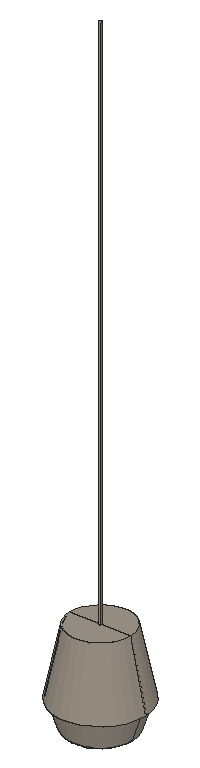
Revit family "Lighting_Pendants_Zero_Elements_Pendant", category Lighting Fixtures, host Ceiling, Revit 2020
Family settings
  Host = Ceiling
  Round Connector Dimension = Use Diameter
  Part Type = Normal
  OmniClass Number = 23.80.70.00
  OmniClass Title = Lighting
  Always vertical = Yes
  Cut with Voids When Loaded = No
  Light Source = Yes
  Shared = No
  Room Calculation Point = No
Parameters (values of type "E27/Max 42W 250 Apricot")
  Youtube clip = ""
  Weight Net (Kg) = "1.5"
  Wattage = 2.46395 W
  WarrantyStartDate [instance] = "n/a"
  WarrantyGuarantorParts = "n/a"
  WarrantyGuarantorLabor = "n/a"
  WarrantyDurationUnit = "Year"
  WarrantyDurationParts = "n/a"
  WarrantyDurationLabor = "n/a"
  WarrantyDescription = "n/a"
  built-in parameter 1150110 = 1 (stored number, unit not read)
  VersionDate = "31/08/2023"  # constant formula
  Version = "3"  # constant formula
  UsageCurrent = 0 A
  Uniformat II Description = ""
  Uniformat II Code = ""
  Uniclass2015Reference = "Pr_70_70_48_86"
  Uniclass2015Description = "Suspended luminaires"
  Uniclass2 = "Pr_70_70_49_86"
  Uniclass 2015 Name = ""
  Uniclass 2015 Code = ""
  Uniclass 2.0 Description = ""
  Uniclass 2.0 Code = ""
  Uniclass 1.4 Description = ""
  Uniclass 1.4 Code = ""
  URL = "https://www.zerolighting.com/elements-inompe/"
  UNSPSC Code = ""
  TotalWattage = 9 W
  built-in parameter 1114217 = 1 (stored number, unit not read)
  Tilt Angle = 90.00°
  built-in parameter 1150109 = 1 (stored number, unit not read)
  built-in parameter 1150134 = (empty or 0)
  Technical description = ""
  TagNumber [instance] = "n/a"
  SustainabilityPerformance = "n/a"
  built-in parameter 1150113 = 1 (stored number, unit not read)
  Size = "250x250x260 mm"
  Shape = "Sculptured"
  SerialNumber [instance] = "n/a"
  Revision = "5"  # constant formula
  ReplacementCost = "n/a"
  Region South America = "None"
  Region Oceania = "AU, NZ"
  Region North America = "BZ, CR, GT, HN, MX, NI, PA, SV, US"
  Region Middle East = "AE"
  Region Europe = "AD, AL, AT, AX, BA, BE, BG, BY, CH, CY, CZ, DE, DK, EE, ES, FI, FO, FR, GB, GG, GI, GR, HR, HU, IE, IM, IS, IT, JE, LI, LT, LU, LV, MC, MD, ME, MK, MT, NL, NO, PL, PT, RO, RS, RU, SE, SI, SJ, SK, SM, UA, VA"
  Region Asia = "HK, JP, SG"
  Region Antarctica = "None"
  Region Africa = "None"
  ProductInformation = "Elements is a complete family originated from Note Design Studio´s fascination for the Nordic mountains and its light. Dawn, dusk, midnight sun. Glittering lakes, wilderness and flora. Elements simple shapes direct the light and well-balanced materials give the design elasticity and great usability."
  Product group = "Pendant"
  Product family = "Elements"
  Product certification = ""
  Product SKU = "Elements_pendant"
  Product Guid = "a6c998bc-ba4e-4baf-bce7-b86e020ab705"
  Photometric Web File = "Elements83303-LED.IES"
  PhaseReference = "n/a"
  PhaseAngle = 0.00°
  OmniClass Description = ""
  OmniClass Code = ""
  Offset [instance] = -CableLength - Nominal_Height  # -1760 mm
  NumberOfSources = 0
  NumberOfPoles = 1
  Nominal_Height = 260 mm
  NominalVoltageCalc = 0 V
  NominalVoltage = 230 V
  NominalRadius = 125 mm
  NominalLength = 250 mm
  NominalFrequencyRange = 50 Hz
  NominalDiameter = 250 mm
  NominalCurrent = 0 A
  Nominal width = 250.32 mm
  Nominal height = 0 mm
  Name = "Zero_Elements_Pendant"  # constant formula
  NBSReference = "90-60-50/405"
  NBSDescription = "General purpose luminaires"
  NBS Reference Description = ""
  NBS Reference Code = ""
  ModelType = elements250 : elements250
  ModelReference = "n/a"
  ModelNumber = "8330-1-17"
  Model = "Elements E27/Max 42W 250 Apricot"
  Material secondary = "Steel"
  Material main = "Fabric"
  Material = "Fabric"
  Masterformat 2014 Description = ""
  Masterformat 2014 Code = ""
  ManufacturersSpecificInformation = "n/a"
  ManufacturerURL = "https://www.zerolighting.com/"
  ManufacturerName = "Zero"
  Manufacturer name = "ZERO"
  Manufacturer country = "Sweden"
  Manufacturer = "Zero"
  MaintenanceFactor = 0
  Lumens = 366 lm
  built-in parameter 1150115 = 1 (stored number, unit not read)
  built-in parameter 1150105 = 29.125 (stored number, unit not read)
  LightFixtureSecondaryMaterial = Plastic, Apricot
  LightFixturePlacingType = "Ceiling"
  LightFixtureMountingType = "Suspended"
  LightFixtureMainMaterial = Kvadrat Apricot Time 300/643
  built-in parameter 1150137 = (empty or 0)
  built-in parameter 1150139 = (empty or 0)
  LensMaterial = Glass
  built-in parameter 1150112 = 1 (stored number, unit not read)
  built-in parameter 1150114 = 1 (stored number, unit not read)
  InsulationStandardClass = "n/a"
  InstallationDate [instance] = "n/a"
  Installation instructions = ""
  built-in parameter 1150132 = 2
  built-in parameter 1150102 = (empty or 0)
  built-in parameter 1150138 = (empty or 0)
  built-in parameter 1150107 = 3000 (stored number, unit not read)
  built-in parameter 1150106 = 0.29125 (stored number, unit not read)
  IfcExportType = "NOTDEFINED"  # constant formula
  IfcExportAs = "IfcLightFixtureType"  # constant formula
  IP_Code = "IP20"
  IFC Classification = ""
  HasProtectiveEarth = no
  Grade = "n/a"
  GTIN code = ""
  Finish = "n/a"
  Features = "Terminal block 2x2,25mm2"
  ExpectedLife = "n/a"
  Emit from Circle Diameter = 158 mm
  Emit Shape Visible in Rendering = no
  ElectricalDeviceNominalPower = 0
  built-in parameter 1150104 = 13.8 (stored number, unit not read)
  Edition number = 1
  EANNumber = "n/a"
  DurationUnit = "Year"
  Dimming Lamp Color Temperature Shift = <None>
  Dimming = "None"
  Designer = "Note Design Studio"
  Design country = "Sweden"
  DefaultElevation = 0 mm
  Default Elevation = 0 mm
  Date of publishing = ""
  Constituents = "n/a"
  Color Filter = 16777215
  Color = "Apricot"
  Collection = "Elements"
  CodePerformance = "n/a"
  Category = "Pendant"
  CableLength [instance] = 1500 mm
  COBIe Type Category = ""
  Brand url = "http://www.zero.se"
  Brand = "Zero"
  Barcode [instance] = "n/a"
  built-in parameter 1114218 = 1 (stored number, unit not read)
  BIMObjectName = "Lighting_Pendants_Zero_Elements_Pendant"  # constant formula
  Author = "BIMstone"  # constant formula
  built-in parameter 1150133 = 10 (stored number, unit not read)
  AssetType = "Fixed"
  AssetIdentifier [instance] = "n/a"
  ArticleNumber = "8330-1-17"
  AccessibilityPerformance = "n/a"
Types (6, lengths in mm): name | Size | Offset | Nominal_Height | NominalRadius | NominalLength | NominalDiameter | ModelType | ModelNumber | Model | LightFixtureSecondaryMaterial | LightFixtureMainMaterial | Color | CableLength | ArticleNumber
  E27/Max 42W 250 White | "250x250x260 mm" | -1260 | 260 | 125 | 250 | 250 | elements250 : elements250 | "8330-1-01" | "Elements E27/Max 42W 250 Blue" | Plastic, Opaque Black | Kvadrat Blue Time 300/683 | "Blue" | 1000 | "8330-1-01"
  E27/Max 42W 250 Blue | "250x250x260 mm" | -1260 | 260 | 125 | 250 | 250 | elements250 : elements250 | "8330-1-08" | "Elements E27/Max 42W 250 Blue" | Plastic, Opaque Black | Kvadrat Blue Time 300/683 | "Blue" | 1000 | "8330-1-08"
  E27/Max 42W 250 Apricot | "250x250x260 mm" | -1760 | 260 | 125 | 250 | 250 | elements250 : elements250 | "8330-1-17" | "Elements E27/Max 42W 250 Apricot" | Plastic, Apricot | Kvadrat Apricot Time 300/643 | "Apricot" | 1500 | "8330-1-17"
  E27/Max 42W 320 Apricot | "320x320x355mm" | -1855 | 355 | 160 | 320 | 320 | elements320 : elements320 | "8330-3-17" | "Elements E27/Max 42W 320 Apricot" | Plastic, Apricot | Kvadrat Apricot Time 300/643 | "Apricot" | 1500 | "8330-3-17"
  E27/Max 42W 320 White | "320x320x355mm" | -1855 | 355 | 160 | 320 | 320 | elements320 : elements320 | "8330-3-01" | "Elements E27/Max 42W 320 White" | Plastic, Opaque White | Kinnasand White Chico | "White" | 1500 | "8330-3-01"
  E27/Max 42W 320 Blue | "320x320x355mm" | -1855 | 355 | 160 | 320 | 320 | elements320 : elements320 | "8330-3-08" | "Elements E27/Max 42W 320 Blue" | Plastic, Opaque Black | Kvadrat Blue Time 300/683 | "Blue" | 1500 | "8330-3-08"
Reference planes
  plane 1 "Light Source Axis (F/B)": y = 0
  plane 2: z = 0
  plane 3 "Light Source Axis (L/R)": x = 0
  plane 4 "Ceiling": z = 0
  plane 5 "Light Source Elevation": z = -1760
  plane 6: y = 125
  plane 7: y = -125
  plane 8: x = -125
  plane 9: x = 125
  plane 10: z = -1500
  plane 11: z = -1760
Forms (mm)
  Extrusion 1, solid, material "Plastic, Apricot" <- "LightFixtureSecondaryMaterial", detail levels medium+fine
    sketch origin (0, 0, -1760) x (-1, 0, 0) y (0, -1, 0)
      loop
        circle (0, 0) r 2.5
    from 260 to 1760
  Extrusion 2, solid, material "Kvadrat Apricot Time 300/643" <- "LightFixtureMainMaterial", detail levels coarse
    sketch origin (0, 0, 0) x (0, 1, 0) y (0, 0, 1)
      loop
        line (125, 0) -> (-125, 0) -> (-125, -1760) -> (125, -1760) -> (125, 0)
    from -125 to 125
Lines and regions (mm)
  symbolic lines, detail levels medium+fine
    curve 1: line (2.5, 0, 0) -> (-2.5, 0, 0)
    curve 2: line (2.5, 0, 0) -> (2.5, 0, -1500)
    curve 3: line (-2.5, 0, -1500) -> (-2.5, 0, 0)
    curve 4: line (0, 2.5, 0) -> (0, -2.5, 0)
    curve 5: line (0, 2.5, 0) -> (0, 2.5, -1500)
    curve 6: line (0, -2.5, -1500) -> (0, -2.5, 0)
  symbolic lines, detail levels coarse
    curve 7: line (0, 125, 0) -> (0, -125, 0)
    curve 8: line (0, 125, -1760) -> (0, 125, 0)
    curve 9: line (0, -125, -1760) -> (0, 125, -1760)
    curve 10: line (0, -125, 0) -> (0, -125, -1760)
    curve 11: line (125, 0, 0) -> (-125, 0, 0)
    curve 12: line (125, 0, -1760) -> (125, 0, 0)
    curve 13: line (-125, 0, -1760) -> (125, 0, -1760)
    curve 14: line (-125, 0, 0) -> (-125, 0, -1760)
    curve 15: line (-125, 125, 0) -> (125, 125, 0)
    curve 16: line (-125, -125, 0) -> (-125, 125, 0)
    curve 17: line (125, -125, 0) -> (-125, -125, 0)
    curve 18: line (125, 125, 0) -> (125, -125, 0)
Dimensions and locks
  equal spacing: host sketch curve, plane 3 "Light Source Axis (L/R)", host sketch curve
  equal spacing: host sketch curve, plane 1 "Light Source Axis (F/B)", host sketch curve
  host sketch curve to host sketch curve = 4000 mm  (x2)
  locked: plane 4 "Ceiling" to host ceiling
  equal spacing: plane 6, plane 1 "Light Source Axis (F/B)", plane 7
  "NominalLength": plane 6 to plane 7
  equal spacing: plane 8, plane 3 "Light Source Axis (L/R)", plane 9
  "NominalLength": plane 8 to plane 9
  "CableLength": plane 10 to level
  "Nominal_Height": plane 10 to plane 11
  aligned and locked: plane 3 "Light Source Axis (L/R)" to imposter light
  aligned and locked: plane 1 "Light Source Axis (F/B)" to imposter light
  aligned and locked: plane 5 "Light Source Elevation" to imposter light
  aligned and locked: level to Extrusion 1
  aligned and locked: Extrusion 1 to plane 10
  aligned and locked: level to Extrusion 2 sketch curve
  aligned and locked: plane 6 to Extrusion 2 sketch curve
  aligned and locked: plane 11 to Extrusion 2 sketch curve
  aligned and locked: Extrusion 2 sketch curve to plane 7
  aligned and locked: plane 8 to Extrusion 2
  aligned and locked: Extrusion 2 to plane 9
  aligned and locked: curve 1 to Extrusion 1  (x2)
  aligned and locked: curve 3 to Extrusion 1
  aligned and locked: curve 4 to Extrusion 1
  aligned and locked: Extrusion 1 to curve 5
  aligned and locked: curve 7 to Extrusion 2
  aligned and locked: curve 8 to Extrusion 2
  aligned and locked: curve 9 to Extrusion 2
  aligned and locked: curve 10 to Extrusion 2
  aligned and locked: curve 11 to Extrusion 2
  aligned and locked: curve 12 to Extrusion 2
  aligned and locked: curve 13 to Extrusion 2
  aligned and locked: curve 14 to Extrusion 2
  aligned and locked: plane 11 to plane 5 "Light Source Elevation"
  aligned and locked: plane 6 to curve 15
  aligned and locked: curve 16 to plane 8
  aligned and locked: curve 17 to plane 7
  aligned and locked: curve 18 to plane 9
Automatic sketch dimensions
  plane 1 "Light Source Axis (F/B)" to Extrusion 1 sketch curve = 0 mm
  Extrusion 1 sketch curve to plane 3 "Light Source Axis (L/R)" = 0 mm
  curve 6 to plane 10 = 0 mm
  plane 1 "Light Source Axis (F/B)" to curve 6 = 2.5 mm
  curve 5 to plane 1 "Light Source Axis (F/B)" = 2.5 mm
  curve 2 to plane 10 = 0 mm
  curve 3 to plane 10 = 0 mm
  radius of Extrusion 1 sketch curve = 2.5 mm
Nested families
  nested 1: "elements250" at (0, 0, -1760), Lens <- "LensMaterial", Main <- "LightFixtureMainMaterial", type <- "ModelType", built-in parameter 1001364 <- "Offset", type "elements250"
    with Main Kvadrat Apricot Time 300/643, Lens Glass
Connectors
  electrical at (0, 0, 0), driven by "NominalVoltage"
    settings: on Extrusion 1, index 1, voltage 230 V, apparent load 0 VA, apparent load phase1 0 VA, apparent load phase2 0 VA, apparent load phase3 0 VA, power factor 1, load classification "Lighting", number of poles 1, system type 31, power factor state 1, is connector primary yes, connector utility no, sub classification motor no, connector description ""
Definition of nested family "elements250"
  Parameters (values of type "elements250")
    Main [instance] = none
    Lens [instance] = none
    Default Elevation = 0 mm
  Reference planes
    plane 1 "Center (Front/Back)": y = 0
    plane 2: z = 0
    plane 3 "Center (Left/Right)": x = 0
  Forms (mm)
    Revolve 1, solid, material <- "Main", detail levels medium+fine
      sketch origin (0, 0, 0) x (1, 0, 0) y (0, 0, 1)
        loop
          line (0, 0) -> (88.253, 0) -> (90.203, 1.637) -> (115.401, 74.817) -> (125, 74.817) -> (85.136, 260) -> (0, 260) -> (0, 257) -> (82.713, 257) -> (121.285, 77.817) -> (113.261, 77.817) -> (87.5, 3) -> (0, 3) -> (0, 0)
        axis (0, 260) -> (0, 0)
      angle from 0 to 360
    Revolve 2, void
      sketch origin (0, 0, 0) x (1, 0, 0) y (0, 0, 1)
        loop
          line (0, 7.234) -> (0, 0) -> (82.775, 0) -> (82.775, 7.234) -> (0, 7.234)
        axis (0, 7.234) -> (0, 0)
      angle from 0 to 360
    Extrusion 3, solid, material <- "Lens", detail levels medium+fine
      sketch origin (0, 0, 0) x (1, 0, 0) y (0, 1, 0)
        loop
          circle (0, 0) r 87.327
      from 0 to 8.152
  Cuts and joins
    Revolve 2 cuts Revolve 1
  Lines and regions (mm)
    symbolic lines, detail levels medium+fine
      curve 1: circle (0, 0, 0) r 125 normal (0, 0, 1)
      curve 4: line (125, 0, 74.817) -> (115.401, 0, 74.817)
      curve 5: line (88.253, 0, 0) -> (-88.253, 0, 0)
      curve 7: line (-115.401, 0, 74.817) -> (-90.203, 0, 1.637)
      curve 8: line (-90.203, 0, 1.637) -> (-88.253, 0, 0)
      curve 9: line (-85.136, 0, 260) -> (85.136, 0, 260)
      curve 10: line (115.401, 0, 74.817) -> (90.203, 0, 1.637)
      curve 11: line (90.203, 0, 1.637) -> (88.253, 0, 0)
      curve 12: line (-115.401, 0, 74.817) -> (-125, 0, 74.817)
      curve 14: line (0, 125, 74.817) -> (0, 115.336, 74.817)
      curve 15: line (0, 88.253, 0) -> (0, 0, 0)
      curve 16: line (0, 115.336, 74.817) -> (0, 90.203, 1.637)
      curve 17: line (0, 90.203, 1.637) -> (0, 88.253, 0)
      curve 20: line (125, 0, 74.817) -> (85.136, 0, 260)
      curve 21: line (-125, 0, 74.817) -> (-85.136, 0, 260)
      curve 22: line (0, 125, 74.817) -> (0, 85.136, 260)
      curve 23: line (0, -125, 74.817) -> (0, -115.336, 74.817)
      curve 24: line (0, -85.136, 260) -> (0, 85.136, 260)
      curve 25: line (0, -88.253, 0) -> (0, 0, 0)
      curve 26: line (0, -115.336, 74.817) -> (0, -90.203, 1.637)
      curve 27: line (0, -90.203, 1.637) -> (0, -88.253, 0)
      curve 30: line (0, -125, 74.817) -> (0, -85.136, 260)
    symbolic lines, detail levels fine
      curve 2: circle (0, 0, 0) r 100 normal (0, 0, 1)
      curve 3: circle (0, 0, 0) r 80 normal (0, 0, 1)
      curve 6: line (-90.203, 0, 1.637) -> (90.203, 0, 1.637)
      curve 13: line (115.401, 0, 74.817) -> (-115.401, 0, 74.817)
      curve 18: line (0, 90.203, 1.637) -> (0, 0, 1.637)
      curve 19: line (0, 115.336, 74.817) -> (0, 0, 74.817)
      curve 28: line (0, -90.203, 1.637) -> (0, 0, 1.637)
      curve 29: line (0, -115.336, 74.817) -> (0, 0, 74.817)
  Dimensions and locks
    aligned and locked: level to plane 2
    aligned and locked: cut or joined group of Revolve 1, Revolve 2 to curve 4
    aligned and locked: curve 5 to cut or joined group of Revolve 1, Revolve 2
    aligned and locked: curve 6 to cut or joined group of Revolve 1, Revolve 2
    aligned and locked: curve 7 to cut or joined group of Revolve 1, Revolve 2
    aligned and locked: curve 8 to cut or joined group of Revolve 1, Revolve 2
    aligned and locked: cut or joined group of Revolve 1, Revolve 2 to curve 14
    aligned and locked: curve 15 to cut or joined group of Revolve 1, Revolve 2
